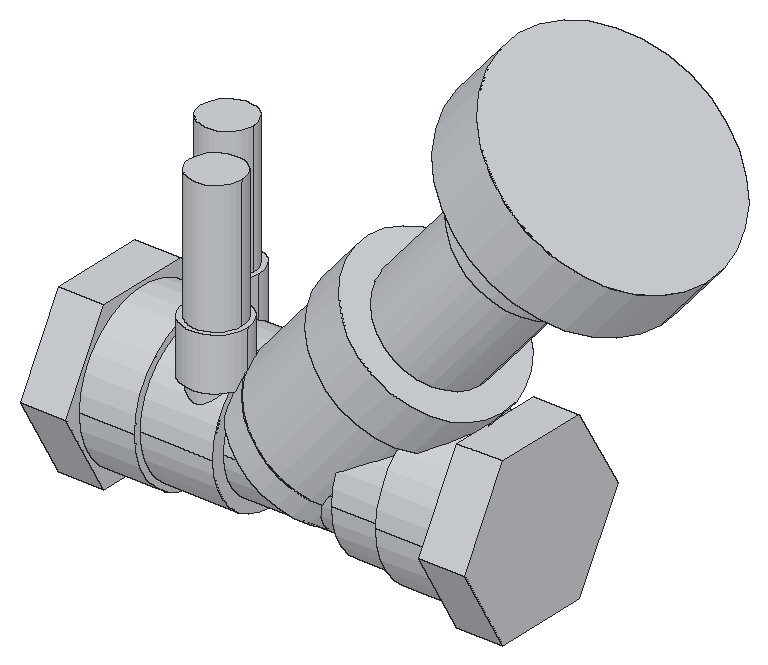
Revit family "D9515-DN40-RFA_2018", category Pipe Accessories, Revit 2018
Family settings
  Round Connector Dimension = Use Diameter
  Part Type = Valve - Breaks Into
  Work Plane-Based = No
  Always vertical = Yes
  Cut with Voids When Loaded = No
  Shared = No
Parameters (values of type "D9515 DN40")
  magiProductId = "9b6b6dd7761a428fa780a8a57ab3c3"
  magiProductFamilyId = "2231140663314cd0b01ba8939d6b11"
  magiPartTypeId = 304
  isMeasuringValve [instance] = no
  ang2D [instance] = 0.00°
  W2D = 15 mm
  W21 = 10.5 mm
  VersionID = "2.0/2017.10.31.1/VIR_9515_001"
  Use Minimum Symbol Size [instance] = yes
  URL = "www.hydronix.cz"
  Type Comments = "Ruční vyvažovací ventil s měřením na cloně; PN25; -10~+130°C; (měřicí vsuvky -10~+120°C)"
  RN2 = 20.4 mm
  RN = 27.3 mm
  R7 = 9 mm
  R6 = 7.5 mm
  R3 = 22.75 mm
  R2 = 21 mm
  R14 = 20 mm
  R13 = 17 mm
  R12 = 25.025 mm
  R11 = 22.75 mm
  R1 = 17.5 mm
  QmdConnectorList = "301;D;302;D"
  Productdata [instance] = ""
  NUT1 = no
  Manufacturer = "Hydronix"
  MC Product Code = "9515 040 (DN40, PN25; kvs19,59; kvc30,23)"
  MC Piping Given Pressure Drop [instance] = 0.0 Pa
  L_2 = 63.5 mm
  L5 = 2 mm
  L4__ve = -L4  # -21 mm
  L4 = 21 mm
  L3 = 14 mm
  L2__ve = -L2  # -16 mm
  L2D_Min = 3048 mm
  L2D = 87.8 mm
  L22 = 21 mm
  L21 = 7.5 mm
  L2 = 16 mm
  L1__ve = -L1  # -13 mm
  L1 = 13 mm
  HWR = 35 mm
  H24 = 37.5 mm
  H23 = 15 mm
  H22 = 14.85 mm
  H21 = 14.75 mm
  H15 = 20 mm
  H14 = 38.807 mm
  H13 = 9 mm
  H12 = 15 mm
  H11 = 32 mm
  H10 = 8 mm
  Description = "Ruční vyvažovací ventil s měřením na cloně; PN25"
  D = 40 mm
  CenSd_RN_6 = RN * cos(30.00°)  # 23.642 mm
  CenSd_RN2_6 = RN2 * cos(30.00°)  # 17.667 mm
  CAT0 = yes
Types (6, lengths in mm): name | magiProductId | W21 | RN2 | RN | R3 | R2 | R13 | R12 | R11 | R1 | MC Product Code | L_2 | L3 | L2__ve | L2 | L1__ve | L1 | H24 | H23 | H22 | H21 | H14 | H12 | H10 | D | CenSd_RN_6 | CenSd_RN2_6
  D9515 DN15 | "17cbc467cde14417a5a74aa240a316" | 6.75 | 17.55 | 17.55 | 14.625 | 13.5 | 14.625 | 16.087 | 14.625 | 11.25 | "9515 015 (DN15, PN25; kvs1,92; kvc2,80)" | 43.9 | 10 | -12 | 12 | -8 | 8 | 30.9 | 12.36 | 6.725 | 6.625 | 19.088 | 10 | 4 | 15 | 15.199 | 15.199
  D9515 DN20 | "db511cd39f454f418d6e49e6ac0c56" | 7.5 | 19.5 | 19.5 | 16.25 | 15 | 16.25 | 17.875 | 16.25 | 12.5 | "9515 020 (DN20, PN25; kvs3,67; kvc5,33)" | 47.95 | 10 | -12 | 12 | -9 | 9 | 30.9 | 12.36 | 8.35 | 8.25 | 18.088 | 10 | 5 | 20 | 16.887 | 16.887
  D9515 DN25 | "e8aaae3d88cc438088acb51c2ae749" | 8.25 | 21.45 | 21.45 | 17.875 | 16.5 | 17.875 | 19.663 | 17.875 | 13.75 | "9515 025 (DN25, PN25; kvs6,24; kvc9,72)" | 50 | 12 | -14 | 14 | -10 | 10 | 30.9 | 12.36 | 9.975 | 9.875 | 17.088 | 10 | 6 | 25 | 18.576 | 18.576
  D9515 DN32 | "dc2d0354abae4200a8eaff76faf524" | 9.3 | 20.4 | 24.18 | 20.15 | 18.6 | 17 | 22.165 | 20.15 | 15.5 | "9515 032 (DN32, PN25; kvs12,54; kvc20,25)" | 58.75 | 13 | -15 | 15 | -11.4 | 11.4 | 36.9 | 14.76 | 12.25 | 12.15 | 37.197 | 15 | 7 | 32 | 20.94 | 17.667
  D9515 DN40 | "9b6b6dd7761a428fa780a8a57ab3c3" | 10.5 | 20.4 | 27.3 | 22.75 | 21 | 17 | 25.025 | 22.75 | 17.5 | "9515 040 (DN40, PN25; kvs19,59; kvc30,23)" | 63.5 | 14 | -16 | 16 | -13 | 13 | 37.5 | 15 | 14.85 | 14.75 | 38.807 | 15 | 8 | 40 | 23.642 | 17.667
  D9515 DN50 | "6b5b9dd02a164b53a7f96efb176f34" | 12 | 20.4 | 31.2 | 26 | 24 | 17 | 28.6 | 26 | 20 | "9515 050 (DN50, PN25; kvs29,72; kvc55,07)" | 72.65 | 15 | -17 | 17 | -15 | 15 | 40.8 | 16.32 | 18.1 | 18 | 51.167 | 15 | 10 | 50 | 27.02 | 17.667
Reference planes
  plane 1 "Center (Front/Back)": y = 0
  plane 2 "XYPLANE": z = 0
  plane 3 "Center (Left/Right)": x = 0
  plane 4 "329": through (-571.391, 0, 488.219) normal (0.6428, 0, 0.766)
  plane 5 "328": y = -10.5
  plane 6 "327": y = 10.5
  plane 7 "312": through (-550.822, 0, 512.732) normal (0.6428, 0, 0.766)
  plane 8 "176": z = 29.75
  plane 9 "173": z = 14.85
  plane 10 "163": x = -2
  plane 11 "158": x = 20.5
  plane 12 "157": x = 34.5
  plane 13 "154": x = -13.5
  plane 14 "83": z = 29.85
  plane 15 "76": x = -34.5
  plane 16 "73": z = 14.75
  plane 17 "70": z = 0
  plane 18 "69": y = 0
  plane 19 "68": x = -21
  plane 20 "60": through (-503.379, 0, 569.272) normal (0.6428, 0, 0.766)
  plane 21 "57": through (-516.235, 0, 553.951) normal (0.6428, 0, 0.766)
  plane 22 "54": through (-541.18, 0, 524.223) normal (0.6428, 0, 0.766)
  plane 23 "32": through (-576.533, 0, 482.091) normal (0.6428, 0, 0.766)
  plane 24 "31": y = 0
  plane 25 "30": through (480.091, 0, 574.533) normal (0.766, 0, -0.6428)
  plane 26 "21": x = -34.5
  plane 27 "20": x = 50.5
  plane 28 "19": x = -50.5
  plane 29 "13": x = 0
  plane 30 "11": x = 63.5
  plane 31 "10": x = -63.5
  plane 32 "9": y = 0
  plane 33 "8": z = 0
  plane 34 "65XY": z = 0
  plane 35 "65XZ": y = 0
  plane 36 "65YZ": x = -2.9
  plane 37 "27XY": through (-576.533, 0, 482.091) normal (0.6428, 0, 0.766)
  plane 38 "27XZ": y = 0
  plane 39 "27YZ": through (480.091, 0, 574.533) normal (0.766, 0, -0.6428)
Forms (mm)
  Extrusion 1, solid, visible <- "CAT0"
    sketch origin (-576.533, 0, 482.091) x (0.766044, 0, -0.642788) y (0, 1, 0)
      loop
        circle (750, 0) r 22.75
    from 0 to 8 <- "H10"
  Extrusion 2, solid
    sketch origin (34.5, -750, 0) x (0, 1, 0) y (0, 0, 1)
      loop
        circle (750, 0) r 22.75
    from 0 to 16 <- "L2"
  Extrusion 3, solid
    sketch origin (20.5, -750, 0) x (0, 1, 0) y (0, 0, 1)
      loop
        circle (750, 0) r 21
    from 0 to 14 <- "L3"
  Extrusion 4, solid
    sketch origin (-34.5, -750, 0) x (0, 1, 0) y (0, 0, 1)
      loop
        circle (750, 0) r 22.75
    from 0 to -16 <- "L2__ve"
  Extrusion 5, solid
    sketch origin (-13.5, -750, 0) x (0, 1, 0) y (0, 0, 1)
      loop
        circle (750, 0) r 21
    from 0 to -21 <- "L4__ve"
  Extrusion 6, solid
    sketch origin (-571.391, 0, 488.219) x (0.766044, 0, -0.642788) y (0, 1, 0)
      loop
        circle (750, 0) r 22.75
    from 0 to 32 <- "H11"
  Extrusion 7, solid
    sketch origin (-2.9, 750, 29.75) x (0, -1, 0) y (1, 0, 0)
      loop
        circle (739.5, -31.6) r 7.5
    from 0 to 37.5 <- "H24"
  Extrusion 8, solid
    sketch origin (-2.9, 750, 14.75) x (0, -1, 0) y (1, 0, 0)
      loop
        circle (739.5, -31.6) r 9
    from 0 to 15 <- "H23"
  Extrusion 9, solid
    sketch origin (-541.18, 0, 524.223) x (0.766044, 0, -0.642788) y (0, 1, 0)
      loop
        circle (750, 0) r 17
    from 0 to 38.807 <- "H14"
  Extrusion 10, solid, visible <- "NUT1"
    sketch origin (-541.18, 0, 524.223) x (0.766044, 0, -0.642788) y (0, 1, 0)
      loop
        line (750, 20.4) -> (732.333, 10.2) -> (732.333, -10.2) -> (750, -20.4) -> (767.667, -10.2) -> (767.667, 10.2) -> (750, 20.4)
    from 0 to 9 <- "H13"
  Blend 11, solid
    base sketch origin (-13.5, -750, 0) x (0, 1, 0) y (0, 0, 1)
      loop
        circle (750, 0) r 17.5
    top sketch origin (-13.5, -750, 0) x (0, 1, 0) y (0, 0, 1)
      loop
        circle (750, 0) r 17.5
    from 0 to 34
  Extrusion 12, solid
    sketch origin (-2.9, 750, 0) x (0, -1, 0) y (1, 0, 0)
      loop
        circle (760.5, -18.1) r 7.5
    from 0 to 14.85 <- "H22"
  Extrusion 13, solid
    sketch origin (-2.9, 750, 29.85) x (0, -1, 0) y (1, 0, 0)
      loop
        circle (760.5, -18.1) r 7.5
    from 0 to 37.5 <- "H24"
  Extrusion 14, solid
    sketch origin (-2.9, 750, 0) x (0, -1, 0) y (1, 0, 0)
      loop
        circle (739.5, -31.6) r 7.5
    from 0 to 14.75 <- "H21"
  Extrusion 15, solid
    sketch origin (-2.9, 750, 14.85) x (0, -1, 0) y (1, 0, 0)
      loop
        circle (760.5, -18.1) r 9
    from 0 to 15 <- "H23"
  Extrusion 16, solid, visible <- "CAT0"
    sketch origin (-503.379, 0, 569.272) x (0.766044, 0, -0.642788) y (0, 1, 0)
      loop
        circle (750, 0) r 35
    from 0 to 20 <- "H15"
  Extrusion 17, solid
    sketch origin (-516.235, 0, 553.951) x (0.766044, 0, -0.642788) y (0, 1, 0)
      loop
        circle (750, 0) r 20
    from 0 to 20 <- "H15"
  Extrusion 18, solid
    sketch origin (-550.822, 0, 512.732) x (0.766044, 0, -0.642788) y (0, 1, 0)
      loop
        circle (750, 0) r 25.025
    from 0 to 15 <- "H12"
  Extrusion 19, solid
    sketch origin (63.5, -750, 0) x (0, 1, 0) y (0, 0, 1)
      loop
        line (722.7, 0) -> (736.35, -23.642) -> (763.65, -23.642) -> (777.3, 0) -> (763.65, 23.642) -> (736.35, 23.642) -> (722.7, 0)
    from 0 to -13 <- "L1__ve"
  Extrusion 20, solid
    sketch origin (-63.5, -750, 0) x (0, 1, 0) y (0, 0, 1)
      loop
        line (777.3, 0) -> (763.65, 23.642) -> (736.35, 23.642) -> (722.7, 0) -> (736.35, -23.642) -> (763.65, -23.642) -> (777.3, 0)
    from 0 to 13 <- "L1"
  Extrusion 21, solid, not visible
    sketch origin (63.5, -750, 0) x (0, 1, 0) y (0, 0, 1)
      loop
        circle (750, 0) r 13.75
    from 0 to -10
  Extrusion 22, solid, not visible
    sketch origin (-63.5, -750, 0) x (0, 1, 0) y (0, 0, 1)
      loop
        circle (750, 0) r 13.75
    from 0 to 10
Lines and regions (mm)
  reference lines, not visible
    curve 1: circle (2, 2, 0) r 1 normal (0, 0, 1)
  reference lines
    curve 2: line (33.353, 0, 42.132) -> (39.175, -4.387, 37.248)
    curve 3: line (33.353, 0, 42.132) -> (33.353, -8.775, 42.132)
    curve 4: line (33.353, 0, 42.132) -> (27.532, -4.387, 47.017)
    curve 5: line (63.5, 0, 0) -> (63.5, 4.387, -7.599)
    curve 6: line (63.5, 0, 0) -> (63.5, 8.775, 0)
    curve 7: line (63.5, 0, 0) -> (63.5, 4.387, 7.599)
    curve 8: line (-63.5, 0, 0) -> (-63.5, -4.387, -7.599)
    curve 9: line (-63.5, 0, 0) -> (-63.5, -8.775, 0)
    curve 10: line (-63.5, 0, 0) -> (-63.5, -4.387, 7.599)
Dimensions and locks
  plane 1 "Center (Front/Back)" to curve 1 = 2 mm
  "H10": plane 23 "32" to plane 4 "329"
  "W21": plane 18 "69" to plane 5 "328"
  "W21": plane 18 "69" to plane 6 "327"
  "H11": plane 4 "329" to plane 7 "312"
  "H23": plane 16 "73" to plane 8 "176"
  "H22": plane 17 "70" to plane 9 "173"
  "L5": plane 29 "13" to plane 10 "163"
  "L3": plane 12 "157" to plane 11 "158"
  "L2": plane 27 "20" to plane 12 "157"
  "L4": plane 26 "21" to plane 13 "154"
  "H23": plane 9 "173" to plane 14 "83"
  "L22": plane 13 "154" to plane 15 "76"
  "H21": plane 17 "70" to plane 16 "73"
  locked: plane 33 "8" to plane 17 "70"
  locked: plane 32 "9" to plane 18 "69"
  "L21": plane 13 "154" to plane 19 "68"
  "H15": plane 21 "57" to plane 20 "60"
  "H14": plane 22 "54" to plane 21 "57"
  "H12": plane 7 "312" to plane 22 "54"
  locked: plane 37 "27XY" to plane 23 "32"
  locked: plane 32 "9" to plane 24 "31"
  locked: plane 39 "27YZ" to plane 25 "30"
  "L2": plane 28 "19" to plane 26 "21"
  "L1": plane 30 "11" to plane 27 "20"
  "L1": plane 31 "10" to plane 28 "19"
  locked: plane 3 "Center (Left/Right)" to plane 29 "13"
  "L_2": plane 3 "Center (Left/Right)" to plane 30 "11"
  "L_2": plane 3 "Center (Left/Right)" to plane 31 "10"
  locked: plane 1 "Center (Front/Back)" to plane 32 "9"
  locked: plane 2 "XYPLANE" to plane 33 "8"
  "CenSd_RN2_6": curve 2 to Extrusion 10 sketch curve  (x2)
  "CenSd_RN2_6": curve 3 to Extrusion 10 sketch curve  (x2)
  "CenSd_RN2_6": curve 4 to Extrusion 10 sketch curve  (x2)
  Extrusion 10 sketch curve to Extrusion 10 sketch curve = 0 mm  (x12)
  "CenSd_RN_6": curve 5 to Extrusion 19 sketch curve  (x2)
  "CenSd_RN_6": curve 6 to Extrusion 19 sketch curve  (x2)
  "CenSd_RN_6": curve 7 to Extrusion 19 sketch curve  (x2)
  Extrusion 19 sketch curve to Extrusion 19 sketch curve = 0 mm  (x12)
  "CenSd_RN_6": curve 8 to Extrusion 20 sketch curve  (x2)
  "CenSd_RN_6": curve 9 to Extrusion 20 sketch curve  (x2)
  "CenSd_RN_6": curve 10 to Extrusion 20 sketch curve  (x2)
  Extrusion 20 sketch curve to Extrusion 20 sketch curve = 0 mm  (x12)
  "R11": radius of Extrusion 1 sketch curve
  "R3": radius of Extrusion 2 sketch curve
  "R2": radius of Extrusion 3 sketch curve
  "R3": radius of Extrusion 4 sketch curve
  "R2": radius of Extrusion 5 sketch curve
  "R11": radius of Extrusion 6 sketch curve
  "R6": radius of Extrusion 7 sketch curve
  "R7": radius of Extrusion 8 sketch curve
  "R13": radius of Extrusion 9 sketch curve
  "R1": radius of Blend 11 sketch curve  (x2)
  "R6": radius of Extrusion 12 sketch curve
  "R6": radius of Extrusion 13 sketch curve
  "R6": radius of Extrusion 14 sketch curve
  "R7": radius of Extrusion 15 sketch curve
  "HWR": radius of Extrusion 16 sketch curve
  "R14": radius of Extrusion 17 sketch curve
  "R12": radius of Extrusion 18 sketch curve
  locked: curve 3 to curve 2 (angle 60.00°)
  locked: curve 4 to curve 3 (angle 60.00°)
  locked: curve 4 to curve 2 (angle 120.00°)
  locked: curve 6 to curve 5 (angle 60.00°)
  locked: curve 7 to curve 6 (angle 60.00°)
  locked: curve 7 to curve 5 (angle 120.00°)
  locked: curve 9 to curve 8 (angle 60.00°)
  locked: curve 10 to curve 9 (angle 60.00°)
  locked: curve 10 to curve 8 (angle 120.00°)
  aligned and locked: level to plane 2 "XYPLANE"
  aligned and locked: plane 24 "31" to Extrusion 1 sketch curve
  aligned and locked: Extrusion 1 sketch curve to plane 25 "30"
  aligned and locked: Extrusion 2 sketch curve to plane 32 "9"
  aligned and locked: plane 33 "8" to Extrusion 2 sketch curve
  aligned and locked: Extrusion 3 sketch curve to plane 32 "9"
  aligned and locked: plane 33 "8" to Extrusion 3 sketch curve
  aligned and locked: Extrusion 4 sketch curve to plane 32 "9"
  aligned and locked: plane 33 "8" to Extrusion 4 sketch curve
  aligned and locked: Extrusion 5 sketch curve to plane 32 "9"
  aligned and locked: plane 33 "8" to Extrusion 5 sketch curve
  aligned and locked: plane 24 "31" to Extrusion 6 sketch curve
  aligned and locked: Extrusion 6 sketch curve to plane 25 "30"
  aligned and locked: plane 6 "327" to Extrusion 7 sketch curve
  aligned and locked: plane 15 "76" to Extrusion 7 sketch curve
  aligned and locked: plane 6 "327" to Extrusion 8 sketch curve
  aligned and locked: plane 15 "76" to Extrusion 8 sketch curve
  aligned and locked: plane 24 "31" to Extrusion 9 sketch curve
  aligned and locked: Extrusion 9 sketch curve to plane 25 "30"
  aligned and locked: curve 2 to plane 25 "30"
  aligned and locked: plane 24 "31" to curve 3
  aligned and locked: Blend 11 sketch curve to plane 32 "9"  (x2)
  aligned and locked: plane 33 "8" to Blend 11 sketch curve  (x2)
  aligned and locked: plane 11 "158" to Blend 11
  aligned and locked: plane 5 "328" to Extrusion 12 sketch curve
  aligned and locked: plane 19 "68" to Extrusion 12 sketch curve
  aligned and locked: plane 5 "328" to Extrusion 13 sketch curve
  aligned and locked: plane 19 "68" to Extrusion 13 sketch curve
  aligned and locked: plane 6 "327" to Extrusion 14 sketch curve
  aligned and locked: plane 15 "76" to Extrusion 14 sketch curve
  aligned and locked: plane 5 "328" to Extrusion 15 sketch curve
  aligned and locked: plane 19 "68" to Extrusion 15 sketch curve
  aligned and locked: plane 24 "31" to Extrusion 16 sketch curve
  aligned and locked: Extrusion 16 sketch curve to plane 25 "30"
  aligned and locked: plane 24 "31" to Extrusion 17 sketch curve
  aligned and locked: Extrusion 17 sketch curve to plane 25 "30"
  aligned and locked: plane 24 "31" to Extrusion 18 sketch curve
  aligned and locked: Extrusion 18 sketch curve to plane 25 "30"
  aligned and locked: curve 7 to plane 32 "9"
  aligned and locked: plane 33 "8" to curve 7
  aligned and locked: curve 10 to plane 32 "9"
  aligned and locked: plane 33 "8" to curve 10
  aligned and locked: Extrusion 21 sketch curve to plane 32 "9"
  aligned and locked: plane 33 "8" to Extrusion 21 sketch curve
  aligned and locked: Extrusion 22 sketch curve to plane 32 "9"
  aligned and locked: plane 33 "8" to Extrusion 22 sketch curve
Automatic sketch dimensions
  Extrusion 21 sketch curve to plane 5 "328" = 3.25 mm
  Extrusion 22 sketch curve to plane 5 "328" = 3.25 mm
  plane 3 "Center (Left/Right)" to curve 1 = 2 mm
  radius of curve 1 = 1 mm
Connectors
  piping at (-63.5, 0, 0), diameter 40, driven by "D"
    settings: on Extrusion 22, index 1, connector inside diameter 609.6 mm, connector length 0 mm, flow factor 0, pipe flow 0.0 L/s, pressure drop 0.0 Pa, fitting loss kfactor 0, connector angle 0.00°, fixture units 0, engagement length 0 mm, angle of deflection 0.00°, flow configuration 0, flow direction 0, fitting loss method 0, system type 29, joint type 0, gender type 0, connector reference index 2, connector utility 0, adjustable connector no, is connector primary yes, connector description ""
  piping at (63.5, 0, 0), diameter 40, driven by "D"
    settings: on Extrusion 21, index 2, connector inside diameter 609.6 mm, connector length 0 mm, flow factor 0, pipe flow 0.0 L/s, pressure drop 0.0 Pa, fitting loss kfactor 0, connector angle 0.00°, fixture units 0, engagement length 0 mm, angle of deflection 0.00°, flow configuration 0, flow direction 0, fitting loss method 0, system type 29, joint type 0, gender type 0, connector reference index 1, connector utility 0, adjustable connector no, is connector primary no, connector description ""
